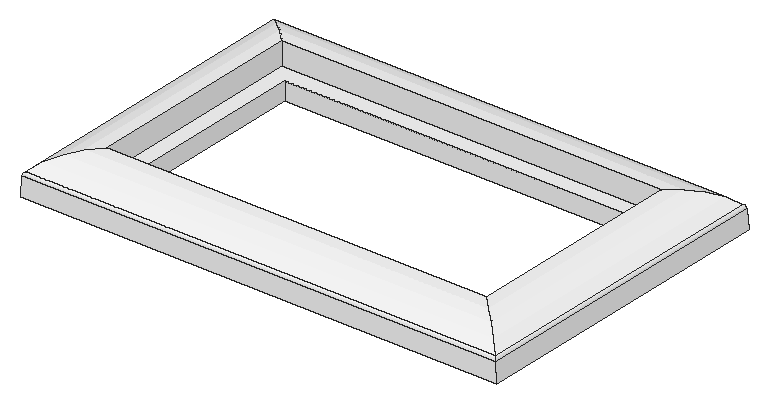
Revit family "Gira_100104", category Electrical Fixtures, host Face, Revit 2017
Family settings
  Host = Face
  Maintain Annotation Orientation = No
  Round Connector Dimension = Use Diameter
  Part Type = Normal
  Cut with Voids When Loaded = No
  Shared = No
  Room Calculation Point = No
Parameters (values of type "Abdeckrahmen 1,5f Standard 55 Reinweiß m")
  Werkstoffgüte = "Thermoplast"
  Werkstoff = "Kunststoff"
  URL = "http://katalog.gira.de/de_DE/datenblatt.html?artikelnr=100104"
  Transparent = "No"
  Textfeld/Beschriftungsfläche = "No"
  Schutzart (IP) = "IP20"
  Region = "DE"
  RAL-Nummer (ähnlich) = "9010 "
  Oberfläche = "sonstige"
  Name = "Abdeckrahmen 1,5f Standard 55 Reinweiß m"
  Montagerichtung = "horizontal und vertikal"
  Mit Montagerahmen = "No"
  Mit Klappdeckel = "No"
  Manufacturer URL = "https://www.gira.de/"
  Keynote = "Std55_Rahmen_1,5fach"
  HeinzeBIM = "https://bimportal.heinze.de/bim/abdeckrahmen-1-5f-standard-55-reinweiss-m/00f5fdd2c75ab2456690c4bafae117a39cfd80e7"
  Halogenfrei = "Yes"
  HAN = "100104"
  Geeignet für Unterputz-Installation = "Yes"
  Geeignet für Unterflurkanaldose = "No"
  Geeignet für Geräteeinbaukanal = "No"
  Geeignet für Einbauinstallation = "No"
  GTIN = "4010337881315"
  Farbe = "weiß"
  Default Elevation = 1219.2 mm
  Data sheet (1) = "https://katalog.gira.de/de_DE/download.html?artikelnr=100104"
  Category = "Abdeckrahmen"
  Befestigungsart = "Klemmbefestigung"
  Available = "Yes"
  Ausführung der Oberfläche = "matt"
  Anzahl der Einheiten vertikal = "1,5 "
  Anzahl der Einheiten horizontal = "1,5 "
  Anzahl der Einheiten = "1 "
Reference planes
  plane 1 "Center (Front/Back)": y = 0
  plane 2: z = 0
  plane 3 "Center (Left/Right)": x = 0
  plane 4: x = -60.5
  plane 5: x = 60.5
  plane 6: y = -40
  plane 7: y = 40
Forms (mm)
  Sweep 1, solid, material "White", detail levels fine
    path origin (0, 0, 0) x (1, 0, 0) y (0, 1, 0)
      loop
        line (60.5, 40) -> (-60.5, 40) -> (-60.5, -40) -> (60.5, -40) -> (60.5, 40)
    profile origin (0, 40, 0) x (0, -1, 0) y (0, 0, 1)
      loop
        arc (12.278, 10.074) -> (6.073, 9.052) -> (0.724, 5.745) r 16.207
        arc (0.724, 5.745) -> (0.387, 5.281) -> (0.248, 4.725) r 1.5
        line (0.248, 4.725) -> (0, 0) -> (16.627, 0) -> (16.627, 4.5) -> (12.327, 4.5) -> (12.278, 10.074)
  Extrusion 2, solid, material "White", detail levels coarse+medium
    sketch origin (0, 0, 0) x (1, 0, 0) y (0, 1, 0)
      loop
        line (-60.5, 40) -> (-60.5, -40) -> (60.5, -40) -> (60.5, 40) -> (-60.5, 40)
    from 0 to 10.074
Dimensions and locks
  aligned and locked: plane 2 to host face
  aligned and locked: level to host face
